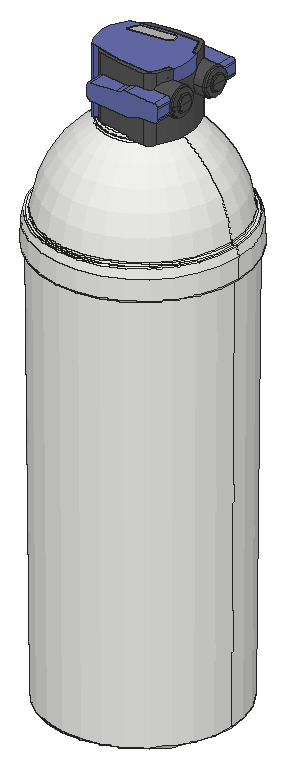
Revit family "QF_Vivreau_PURITY C1100 XtraSafe", category Specialty Equipment, Revit 2019
Family settings
  Round Connector Dimension = Use Diameter
  Part Type = Normal
  OmniClass Number = 23.40.40.14.24
  OmniClass Title = Food Dispensing Equipment
  Work Plane-Based = No
  Always vertical = Yes
  Cut with Voids When Loaded = No
  Shared = No
  Room Calculation Point = No
Parameters
  Width = 0' - 7 31/128"  # constant formula
  Weight in Pounds = 16.9
  URL Cutsheet = "https://vivreauwater.com/wp-content/uploads/2023/02/Xtra-Safe_Spec-Sheet.pdf"
  URL = "www.vivreauwater.com/Professional-filters"
  Status = ""
  Specification by User [instance] = ""
  Specification by Manufacturer = "PURITY C1100 XtraSafe water filtration cartridge. Calculate user-specific recommendations for capacity and filtration bypass settings for Coffee and Steam applications on VIVREAU website. Max. operating pressure 125 psi, water intake temperature 39-86 degrees Fahrenheit. Nominal flow 100 l/h (pressure loss at nominal flow 2.9 psi). Dimensions w/d/h with filter head 7.24/7.24/21.6 inch, weight dry/wet 16.9/27.5 lbs, position vertical. Technology complete desalination. Five step filtration process with pre-filtration, cation reduction, anion reduction, activated carbon filtration and fine filtration to protect against chlorides, sulphates and gypsum deposits."
  Serial Number [instance] = ""
  Seismic Rating = ""
  SMACNA No = ""
  Revision Code = ""
  Plumbing Remarks = ""
  Plumbing Connection Type = "NPT"
  NAFEM Spec ID Number = ""
  Mounting Height [instance] = 3' - 0"
  Model = "PURITY C1100 XtraSafe"
  Masterspec = "Division 11"
  Manufacturer = "Vivreau"
  Item Number [instance] = ""
  Installed By [instance] = ""
  Identify Quantity as Lot = yes
  Height = 1' - 9 77/128"  # constant formula
  Furnished By [instance] = ""
  Foodservice Equipment Identifier = yes
  Description = "Water Filter"
  Depth = 0' - 7 31/128"  # constant formula
  Cold Water Temperature Recommended = 40 °F
  Cold Water Size = 1/2"
  Cold Water RI Height = 0' - 0"
  Cold Water Minimum Pressure = 29.00 psi
  Cold Water Maximum Pressure = 125.00 psi
  Cold Water Flow = 0.099973 m³/h
  Cold Water Connection Height = 1' - 9"
  CSI MasterFormat = "11 46 00"
  Assembly Code = "E1090320"
Reference planes (in)
  plane 1 "BACK": y = 0
  plane 2 "REF. LAYER": z = 0
  plane 3 "LEFT": x = 0
  plane 4 "RIGHT": x = 7.24219
  plane 5 "FRONT": y = -7.24219
  plane 6 "Center (Left/Right)": x = 3.62109
  plane 7 "Center (Front/Back)": y = -3.62109
  plane 8 "Center F/C": z = 36
  plane 9 "Center F/D": z = 57.60156
Forms (in)
  Revolve 1, solid, material "QF_Poly-White"
    sketch origin (0, -3.62109, 0) x (1, 0, 0) y (0, 0, 1)
      loop
        line (3.62109, 36) -> (6.94277, 36)
        arc (6.94277, 36) -> (6.95762, 36.00612) -> (6.96387, 36.02092) r 0.02111
        line (6.96387, 36.02092) -> (7.09825, 51.24326) -> (7.22063, 51.24326)
        arc (7.22063, 51.24326) -> (7.23593, 51.24964) -> (7.24216, 51.265) r 0.02153
        line (7.24216, 51.265) -> (7.23511, 52.01487) -> (7.15464, 52.31661)
        arc (7.15464, 52.31661) -> (7.13881, 52.33848) -> (7.11247, 52.34443) r 0.0382
        line (7.11247, 52.34443) -> (7.01551, 52.34443)
        arc (7.01551, 52.34443) -> (6.99102, 52.35457) -> (6.98088, 52.37905) r 0.03463
        line (6.98088, 52.37905) -> (6.97319, 52.43252)
        arc (6.97319, 52.43252) -> (6.3647, 54.14116) -> (5.07958, 55.42108) r 4.10693
        arc (5.07958, 55.42108) -> (5.05321, 55.44773) -> (5.03864, 55.48229) r 0.09896
        line (5.03864, 55.48229) -> (5.03864, 55.52322)
        arc (5.03864, 55.52322) -> (5.02461, 55.56905) -> (4.98732, 55.59916) r 0.08184
        arc (4.98732, 55.59916) -> (4.31666, 55.78835) -> (3.62109, 55.8304) r 3.25395
        line (3.62109, 55.8304) -> (3.62109, 36)
      axis (3.62109, 55.8304) -> (3.62109, 36)
    angle from 0 to 360
Lines and regions (in)
  symbolic lines
    curve 1: circle (3.62205, -3.62204, 0) r 3.61816 normal (0, 0, 1)
    curve 2: circle (3.62109, -3.62109, 0) r 3.35209 normal (0, 0, 1)
    curve 3: circle (3.62109, -3.62109, 0) r 3.47716 normal (0, 0, 1)
    curve 4: circle (3.62109, -3.62109, 0) r 3.53355 normal (0, 0, 1)
    curve 5: arc (2.49221, -4.54458, 0) -> (2.72943, -4.77527, 0) -> (3.01254, -4.94656, 0) r 1.45849
    curve 6: arc (2.56132, -4.56254, 0) -> (2.76176, -4.74847, 0) -> (2.99417, -4.89247, 0) r 1.41754
    curve 7: arc (2.49023, -2.70004, 0) -> (2.72856, -2.46759, 0) -> (3.01339, -2.29524, 0) r 1.45849
    curve 8: arc (2.55914, -2.68211, 0) -> (2.76076, -2.49448, 0) -> (2.99487, -2.34937, 0) r 1.41754
  symbolic lines, style "InvisibleLines"
    curve 9: line (0, 0, 0) -> (7.24219, 0, 0)
    curve 10: line (3.1474, 0, 36) -> (4.23762, 0, 36)
    curve 11: line (0, -3.98861, 36) -> (0, -3.23861, 36)
Dimensions and locks (in)
  "Width": plane 3 "LEFT" to plane 4 "RIGHT"
  "Depth": plane 5 "FRONT" to plane 1 "BACK"
  equal spacing: plane 3 "LEFT", plane 6 "Center (Left/Right)", plane 4 "RIGHT"
  equal spacing: plane 5 "FRONT", plane 7 "Center (Front/Back)", plane 1 "BACK"
  "Mounting Height": plane 8 "Center F/C" to plane 2 "REF. LAYER"
  "Height": plane 9 "Center F/D" to plane 8 "Center F/C"
  Revolve 1 sketch curve to Revolve 1 sketch curve to Revolve 1 sketch curve to Revolve 1 sketch curve to Revolve 1 sketch curve to Revolve 1 sketch curve to Revolve 1 sketch curve to Revolve 1 sketch curve to Revolve 1 sketch curve to Revolve 1 sketch curve to Revolve 1 sketch curve to Revolve 1 sketch curve to plane 8 "Center F/C" = 0' - 0.23124" locked, 0' - 0.07593" locked, 0' - 0.04094" locked, 0' - 0.06121" locked, 0' - 3.04202" locked, 0' - 0.03463" locked, 0' - 0.02782" locked, 0' - 0.30175" locked, 0' - 0.74987" locked, 0' - 0.02173" locked, 1' - 3.22234" locked, 0' - 0.02092" locked
  aligned and locked: level to plane 2 "REF. LAYER"
  aligned and locked: Revolve 1 sketch curve to plane 8 "Center F/C"
  aligned and locked: plane 3 "LEFT" to curve 9
  aligned and locked: plane 4 "RIGHT" to curve 9
  aligned and locked: curve 9 to plane 2 "REF. LAYER"
  aligned and locked: curve 10 to plane 8 "Center F/C"
  aligned and locked: curve 11 to plane 8 "Center F/C"
Automatic sketch dimensions
  Revolve 1 sketch curve to plane 6 "Center (Left/Right)" = 0' - 0"  (x2)
  plane 6 "Center (Left/Right)" to Revolve 1 sketch curve = 0' - 0.15254"
  Revolve 1 sketch curve to Revolve 1 sketch curve = 0' - 0.08184"
  Revolve 1 sketch curve to Revolve 1 sketch curve = 0' - 0.09682"
  Revolve 1 sketch curve to plane 4 "RIGHT" = 0' - 0.29942"
  Revolve 1 sketch curve to Revolve 1 sketch curve = 0' - 0.02111"
  Revolve 1 sketch curve to plane 4 "RIGHT" = 0' - 0.269"
  Revolve 1 sketch curve to Revolve 1 sketch curve = 0' - 0.00769"
  Revolve 1 sketch curve to plane 4 "RIGHT" = 0' - 0.14394"
  Revolve 1 sketch curve to Revolve 1 sketch curve = 0' - 0.09697"
  Revolve 1 sketch curve to Revolve 1 sketch curve = 0' - 0.0053"
  Revolve 1 sketch curve to plane 4 "RIGHT" = 0' - 0.00708"
  Revolve 1 sketch curve to plane 4 "RIGHT" = 0' - 0.00003"
  Revolve 1 sketch curve to Revolve 1 sketch curve = 0' - 0.02153"
  Revolve 1 sketch curve to Revolve 1 sketch curve = 0' - 0.69977"
  Revolve 1 sketch curve to Revolve 1 sketch curve = 0' - 0.01001"
  Revolve 1 sketch curve to Revolve 1 sketch curve = 0' - 0.05347"
  Revolve 1 sketch curve to Revolve 1 sketch curve = 0' - 0.637"
  Revolve 1 sketch curve to Revolve 1 sketch curve = 0' - 0.02047"
  level to Revolve 1 sketch curve = 3' - 11.19443"
  Revolve 1 sketch curve to Revolve 1 sketch curve = 0' - 3.51403"
  curve 2 to curve 3 = 0' - 0"  (x2)
  curve 2 to curve 4 = 0' - 0"  (x2)
  curve 2 to curve 5 = 0' - 0"  (x2)
  curve 2 to curve 6 = 0' - 0"  (x2)
  curve 2 to curve 7 = 0' - 0"  (x2)
  curve 2 to curve 8 = 0' - 0"  (x2)
  curve 3 to curve 4 = 0' - 0"  (x2)
  curve 3 to curve 5 = 0' - 0"  (x2)
  curve 3 to curve 6 = 0' - 0"  (x2)
  curve 3 to curve 7 = 0' - 0"  (x2)
  curve 3 to curve 8 = 0' - 0"  (x2)
  curve 4 to curve 5 = 0' - 0"  (x2)
  curve 4 to curve 6 = 0' - 0"  (x2)
  curve 4 to curve 7 = 0' - 0"  (x2)
  curve 4 to curve 8 = 0' - 0"  (x2)
  curve 5 to curve 6 = 0' - 0"  (x2)
  curve 5 to curve 7 = 0' - 0"  (x2)
  curve 5 to curve 8 = 0' - 0"  (x2)
  curve 6 to curve 7 = 0' - 0"  (x2)
  curve 6 to curve 8 = 0' - 0"  (x2)
  curve 7 to curve 8 = 0' - 0"  (x2)
  curve 4 to plane 6 "Center (Left/Right)" = 0' - 0"
  plane 7 "Center (Front/Back)" to curve 5 = 0' - 0"
  plane 6 "Center (Left/Right)" to curve 1 = 0' - 0.00095"
  plane 7 "Center (Front/Back)" to curve 1 = 0' - 0.00095"
  curve 7 to plane 6 "Center (Left/Right)" = 0' - 0.6077"
  curve 5 to plane 6 "Center (Left/Right)" = 0' - 0.60856"
  curve 8 to curve 7 = 0' - 0.01853"
  curve 6 to curve 5 = 0' - 0.01837"
  curve 6 to curve 6 = 0' - 0.43285"
  curve 8 to curve 8 = 0' - 0.43572"
  curve 5 to curve 6 = 0' - 0.06911"
  curve 7 to curve 8 = 0' - 0.06891"
  plane 7 "Center (Front/Back)" to curve 5 = 0' - 0.92348"
  curve 6 to curve 5 = 0' - 0.01796"
  curve 7 to plane 7 "Center (Front/Back)" = 0' - 0.92106"
  curve 7 to curve 8 = 0' - 0.01793"
  curve 10 to plane 6 "Center (Left/Right)" = 0' - 0.47369"
  plane 6 "Center (Left/Right)" to curve 10 = 0' - 0.61653"
  plane 7 "Center (Front/Back)" to curve 11 = 0' - 0.36752"
  curve 11 to plane 7 "Center (Front/Back)" = 0' - 0.38248"
  radius of curve 1 = 0' - 3.61816"
  radius of curve 2 = 0' - 3.35209"
  radius of curve 3 = 0' - 3.47716"
  radius of curve 4 = 0' - 3.53355"
Nested families (in)
  nested 1: "QF_Vivreau_ Filter Head_C1100" at (2.1239, -1.72207, 0), Mounting Height <- "Mounting Height", type "QF_Vivreau_ Filter Head_C1100"
    with Specification by User "", Serial Number "", Mounting Height 3' - 0", Installed By "", Furnished By ""
Connectors (in)
  piping at (5.87227, -2.83464, 57.07284), diameter 0.5, driven by "Cold Water Size", driven by "Cold Water Flow"
    settings: on nested 1, index 1, connector inside diameter 24", connector length 0' - 0", flow factor 0, pipe flow 0.099973 m³/h, pressure drop 0.00 psi, fitting loss kfactor 0, connector angle 0.00°, fixture units 0, engagement length 0' - 0", angle of deflection 0.00°, flow configuration 0, flow direction 1, fitting loss method 0, system type 20, joint type 0, gender type 0, connector reference index -1, connector utility 0, adjustable connector no, is connector primary yes, connector description "Water Inlet"
  piping at (5.87227, -4.40945, 57.07284), diameter 0.5, driven by "Cold Water Size", driven by "Cold Water Flow"
    settings: on nested 1, index 2, connector inside diameter 24", connector length 0' - 0", flow factor 0, pipe flow 0.099973 m³/h, pressure drop 0.00 psi, fitting loss kfactor 0, connector angle 0.00°, fixture units 0, engagement length 0' - 0", angle of deflection 0.00°, flow configuration 0, flow direction 2, fitting loss method 0, system type 20, joint type 0, gender type 0, connector reference index -1, connector utility 0, adjustable connector no, is connector primary no, connector description "Water Outlet"
Definition of nested family "QF_Vivreau_ Filter Head_C1100"
  Parameters (values of type "QF_Vivreau_ Filter Head_C1100")
    Width = 3' - 0"
    Weight in Pounds = 0
    URL Cutsheet = ""
    Status = ""
    Specification by User [instance] = ""
    Specification by Manufacturer = ""
    Serial Number [instance] = ""
    Seismic Rating = ""
    SMACNA No = ""
    Revision Code = ""
    NAFEM Spec ID Number = ""
    Mounting Height [instance] = 3' - 0"
    Masterspec = ""
    Installed By [instance] = ""
    Identify Quantity as Lot = yes
    Height = 3' - 0"
    Furnished By [instance] = ""
    Foodservice Equipment Identifier = yes
    Depth = 3' - 0"
    CSI MasterFormat = ""
  Reference planes (in)
    plane 1 "BACK": y = 0
    plane 2 "REF. LAYER": z = 0
    plane 3 "LEFT": x = 0
    plane 4 "Center F/C": x = 3.74837
    plane 5 "Center F/D": y = -3.83618
    plane 6 "Center F/E": z = 57.07284
    plane 7 "Center F/F": z = 57.92772
    plane 8 "Center F/G": z = 55.50391
    plane 9 "Center F/H": z = 56.5995
    plane 10 "Center F/I": z = 57.42759
    plane 11 "Center F/J": y = -1.89997
    plane 12 "Center F/Q": z = 36
    plane 13 "Center F/R": z = 57.78491
  Forms (in)
    Extrusion 1, solid
      sketch origin (-0.56167, 0.22503, 0) x (1, 0, 0) y (0, 1, 0)
        loop
          arc (3.17939, -3.30146) -> (3.22697, -3.28602) -> (3.25911, -3.24769) r 0.09059
          arc (3.25911, -3.24769) -> (3.55796, -2.125) -> (3.25911, -1.00231) r 2.25819
          arc (3.25911, -1.00231) -> (3.22697, -0.96398) -> (3.17939, -0.94854) r 0.09059
          arc (3.17939, -0.94854) -> (2.02567, -0.99526) -> (0.89165, -1.21272) r 7.75678
          arc (0.89165, -1.21272) -> (0.86179, -1.21999) -> (0.83702, -1.2382) r 0.07824
          arc (0.83702, -1.2382) -> (0.56167, -2.125) -> (0.83702, -3.0118) r 1.56569
          arc (0.83702, -3.0118) -> (0.86179, -3.03001) -> (0.89165, -3.03728) r 0.07824
          arc (0.89165, -3.03728) -> (2.02567, -3.25474) -> (3.17939, -3.30146) r 7.75678
      from 55.50391 to 57.92772
    Revolve 2, solid
      sketch origin (-16.04659, -180, 57.07284) x (-1, 0, 0) y (0, -1, 0)
        loop
          line (-19.59812, -178.88743) -> (-18.72075, -178.88743) -> (-18.7668, -178.36111) -> (-19.59812, -178.37562) -> (-19.59812, -178.88743)
        axis (-18.72075, -178.88743) -> (-19.59812, -178.88743)
      angle from 0 to 360
    Revolve 3, solid
      sketch origin (-16.04659, -180, 57.07284) x (-1, 0, 0) y (0, -1, 0)
        loop
          line (-19.59812, -177.31262) -> (-18.72075, -177.31262) -> (-18.7668, -176.7863) -> (-19.59812, -176.80081) -> (-19.59812, -177.31262)
        axis (-18.72075, -177.31262) -> (-19.59812, -177.31262)
      angle from 0 to 360
    Extrusion 4, void
      sketch origin (-0.56167, 0.22503, 0) x (0, 1, 0) y (0, 0, 1)
        loop
          circle (-2.125, 56.54134) r 0.20757
      from 3.17075 to 3.70744
    Extrusion 5, void
      sketch origin (-2.8954, 0.22503, 0) x (0, 1, 0) y (0, 0, 1)
        loop
          circle (-2.125, 56.54134) r 0.20757
      from 2.77402 to 3.28855
    Revolve 6, solid
      sketch origin (-16.04659, -180, 57.07284) x (-1, 0, 0) y (0, -1, 0)
        loop
          line (-19.59812, -178.88743) -> (-19.59812, -178.41499) -> (-19.69654, -178.41499) -> (-19.69654, -178.58034) -> (-19.73591, -178.58379) -> (-19.73591, -178.63349) -> (-19.79497, -178.63349) -> (-19.79497, -178.88743) -> (-19.59812, -178.88743)
        axis (-19.59812, -178.88743) -> (-19.79497, -178.88743)
      angle from 0 to 360
    Revolve 7, solid
      sketch origin (-16.04659, -180, 57.07284) x (-1, 0, 0) y (0, -1, 0)
        loop
          line (-19.59812, -177.31262) -> (-19.59812, -176.84018) -> (-19.69654, -176.84018) -> (-19.69654, -177.00554) -> (-19.73591, -177.00898) -> (-19.73591, -177.05869) -> (-19.79497, -177.05869) -> (-19.79497, -177.31262) -> (-19.59812, -177.31262)
        axis (-19.59812, -177.31262) -> (-19.79497, -177.31262)
      angle from 0 to 360
    Extrusion 8, solid
      sketch origin (0, 0, 0) x (0, 1, 0) y (0, 0, 1)
        loop
          circle (-1.89997, 56.54134) r 0.20757
        loop
          circle (-1.89997, 56.54134) r 0.14507
      from 2.60908 to 3.01441
    Extrusion 9, solid
      sketch origin (-2.62125, 0, 0) x (0, 1, 0) y (0, 0, 1)
        loop
          circle (-1.89997, 56.54134) r 0.20757
        loop
          circle (-1.89997, 56.54134) r 0.14507
      from 2.60908 to 3.01441
    Extrusion 10, solid
      sketch origin (0, 0, 21.16016) x (1, 0, 0) y (0, 1, 0)
        loop
          arc (2.61773, -0.72352) -> (2.65703, -0.73399) -> (2.68778, -0.7606) r 0.09059
          arc (2.68778, -0.7606) -> (2.99629, -1.89997) -> (2.68778, -3.03935) r 2.25819
          arc (2.68778, -3.03935) -> (2.65703, -3.06596) -> (2.61773, -3.07643) r 0.09059
          arc (2.61773, -3.07643) -> (1.60555, -3.04475) -> (0.60613, -2.88147) r 7.75678
          arc (0.60613, -2.88147) -> (0.72009, -2.98959) -> (0.8462, -3.08325) r 1.30616
          arc (0.8462, -3.08325) -> (1.72654, -3.2138) -> (2.6163, -3.23254) r 7.05821
          arc (2.6163, -3.23254) -> (2.77551, -3.16312) -> (2.87152, -3.01839) r 0.30684
          arc (2.87152, -3.01839) -> (3.18694, -1.89997) -> (2.87152, -0.78156) r 2.14057
          arc (2.87152, -0.78156) -> (2.77551, -0.63683) -> (2.6163, -0.5674) r 0.30684
          arc (2.6163, -0.5674) -> (1.72654, -0.58614) -> (0.8462, -0.7167) r 7.05821
          arc (0.8462, -0.7167) -> (0.72009, -0.81036) -> (0.60613, -0.91847) r 1.30616
          arc (0.60613, -0.91847) -> (1.60555, -0.7552) -> (2.61773, -0.72352) r 7.75678
      from 34.34375 to 36.76757
    Extrusion 11, void
      sketch origin (0, 0, 21.16016) x (1, 0, 0) y (0, 1, 0)
        loop
          arc (2.92876, -1.35185) -> (2.99629, -1.89997) -> (2.92876, -2.4481) r 2.25819
          line (2.92876, -2.4481) -> (3.11557, -2.4481)
          arc (3.11557, -2.4481) -> (3.18694, -1.89997) -> (3.11557, -1.35185) r 2.14057
          line (3.11557, -1.35185) -> (2.92876, -1.35185)
      from 36.76757 to 36.26743
    Extrusion 12, solid
      sketch origin (0, 0, 14.26953) x (1, 0, 0) y (0, 1, 0)
        loop
          arc (0.70049, -1.02146) -> (0.59462, -1.21203) -> (0.51669, -1.41563) r 1.54109
          arc (0.51669, -1.41563) -> (0.54, -1.44367) -> (0.57618, -1.44818) r 0.04958
          arc (0.57618, -1.44818) -> (1.21574, -1.31536) -> (1.86503, -1.24405) r 6.85047
          arc (1.86503, -1.24405) -> (2.03249, -1.03201) -> (1.82552, -0.85833) r 0.19395
          arc (1.82552, -0.85833) -> (1.26009, -0.91975) -> (0.70049, -1.02146) r 7.94315
      from 43.51538 to 43.65819
    Extrusion 13, solid
      sketch origin (0, 0, 21.16016) x (1, 0, 0) y (0, 1, 0)
        loop
          arc (3.11557, -2.4481) -> (3.18694, -1.89997) -> (3.11557, -1.35185) r 2.14057
          line (3.11557, -1.35185) -> (2.92876, -1.35185)
          arc (2.92876, -1.35185) -> (2.99629, -1.89997) -> (2.92876, -2.4481) r 2.25819
          line (2.92876, -2.4481) -> (3.11557, -2.4481)
      from 36.26743 to 36.76757
    Extrusion 14, void
      sketch origin (0, 0, 18.24219) x (1, 0, 0) y (0, 1, 0)
        loop
          arc (0.57618, -1.44818) -> (1.21574, -1.31536) -> (1.86503, -1.24405) r 6.85047
          arc (1.86503, -1.24405) -> (2.03249, -1.03201) -> (1.82552, -0.85833) r 0.19395
          arc (1.82552, -0.85833) -> (1.26009, -0.91975) -> (0.70049, -1.02146) r 7.94315
          arc (0.70049, -1.02146) -> (0.59462, -1.21203) -> (0.51669, -1.41563) r 1.54109
          arc (0.51669, -1.41563) -> (0.54, -1.44367) -> (0.57618, -1.44818) r 0.04958
      from 39.54273 to 39.68553
  Cuts and joins
    Extrusion 4, Extrusion 5, Extrusion 14 cuts Extrusion 1
    joined: Extrusion 1, Extrusion 13
    Extrusion 11 cuts Extrusion 10
  Lines and regions (in)
    symbolic lines
      curve 1: arc (0.32999, -2.81225, 0) -> (1.464, -3.02972, 0) -> (2.61773, -3.07643, 0) r 7.75678
      curve 2: arc (2.61773, -3.07643, 0) -> (2.6653, -3.061, 0) -> (2.69744, -3.02266, 0) r 0.09059
      curve 3: arc (2.69744, -3.02266, 0) -> (2.99629, -1.89997, 0) -> (2.69744, -0.77728, 0) r 2.25819
      curve 4: arc (2.69744, -0.77728, 0) -> (2.6653, -0.73895, 0) -> (2.61773, -0.72352, 0) r 0.09059
      curve 5: arc (2.61773, -0.72352, 0) -> (1.464, -0.77023, 0) -> (0.32999, -0.9877, 0) r 7.75678
      curve 6: arc (0.32999, -0.9877, 0) -> (0.30012, -0.99496, 0) -> (0.27535, -1.01317, 0) r 0.07824
      curve 7: arc (0.27535, -1.01317, 0) -> (0, -1.89997, 0) -> (0.27535, -2.78678, 0) r 1.56569
      curve 8: arc (0.27535, -2.78678, 0) -> (0.30012, -2.80499, 0) -> (0.32999, -2.81225, 0) r 0.07824
      curve 9: line (3.74837, -2.94131, 0) -> (3.68932, -2.94131, 0)
      curve 10: arc (0.85161, -0.6986, 0) -> (0.82653, -0.78661, 0) -> (0.80424, -0.87538, 0) r 2.89017
      curve 11: arc (0.85161, -0.6986, 0) -> (0.87512, -0.61425, 0) -> (0.90582, -0.53225, 0) r 1.0142
      curve 12: arc (0.90582, -0.53225, 0) -> (0.95826, -0.37458, 0) -> (1.01402, -0.21806, 0) r 7.87402
      curve 13: arc (1.01402, -0.21806, 0) -> (1.03304, -0.19156, 0) -> (1.06321, -0.17918, 0) r 0.05912
      curve 14: arc (1.06321, -0.17918, 0) -> (2.22788, -0.07327, 0) -> (3.39529, -0.1428, 0) r 7.79531
      curve 15: arc (3.39529, -0.1428, 0) -> (3.42859, -0.1583, 0) -> (3.44724, -0.18996, 0) r 0.0619
      curve 16: arc (3.44724, -0.18996, 0) -> (3.48188, -0.39473, 0) -> (3.50801, -0.60076, 0) r 5.02104
      curve 17: line (3.64995, -0.64013, 0) -> (3.55152, -0.64013, 0)
      curve 18: line (3.55152, -0.64013, 0) -> (3.55152, -0.60076, 0)
      curve 19: line (3.55152, -0.60076, 0) -> (3.50801, -0.60076, 0)
      curve 20: line (3.55152, -0.64013, 0) -> (3.55152, -1.62438, 0)
      curve 21: line (3.55152, -1.62438, 0) -> (2.98062, -1.63435, 0)
      curve 22: line (3.64995, -1.58501, 0) -> (3.55152, -1.58501, 0)
      curve 23: line (3.64995, -1.58501, 0) -> (3.64995, -0.64013, 0)
      curve 24: line (3.68932, -1.41621, 0) -> (3.64995, -1.41966, 0)
      curve 25: line (3.68932, -1.41621, 0) -> (3.68932, -0.80849, 0)
      curve 26: line (3.74837, -0.85864, 0) -> (3.68932, -0.85864, 0)
      curve 27: line (3.74837, -0.85864, 0) -> (3.74837, -1.36651, 0)
      curve 28: line (3.74837, -1.36651, 0) -> (3.68932, -1.36651, 0)
      curve 29: line (3.64995, -3.15982, 0) -> (3.55152, -3.15982, 0)
      curve 30: line (3.55152, -3.15982, 0) -> (3.55152, -3.19919, 0)
      curve 31: line (3.55152, -3.19919, 0) -> (3.50801, -3.19919, 0)
      curve 32: line (3.55152, -3.15982, 0) -> (3.55152, -2.17556, 0)
      curve 33: line (3.64995, -2.21493, 0) -> (3.55152, -2.21493, 0)
      curve 34: line (3.64995, -2.21493, 0) -> (3.64995, -3.15982, 0)
      curve 35: line (3.68932, -2.38373, 0) -> (3.64995, -2.38029, 0)
      curve 36: line (3.68932, -2.38373, 0) -> (3.68932, -2.99146, 0)
      curve 37: line (3.74837, -2.94131, 0) -> (3.68932, -2.94131, 0)
      curve 38: line (3.74837, -2.94131, 0) -> (3.74837, -2.43344, 0)
      curve 39: line (3.74837, -2.43344, 0) -> (3.68932, -2.43344, 0)
      curve 40: arc (0.85161, -3.10135, 0) -> (0.82653, -3.01334, 0) -> (0.80424, -2.92457, 0) r 2.89017
      curve 41: arc (0.85161, -3.10135, 0) -> (0.87512, -3.1857, 0) -> (0.90582, -3.2677, 0) r 1.0142
      curve 42: arc (0.90582, -3.2677, 0) -> (0.95826, -3.42537, 0) -> (1.01402, -3.58189, 0) r 7.87402
      curve 43: arc (1.01402, -3.58189, 0) -> (1.03304, -3.60839, 0) -> (1.06321, -3.62077, 0) r 0.05912
      curve 44: arc (1.06321, -3.62077, 0) -> (2.22788, -3.72667, 0) -> (3.39529, -3.65715, 0) r 7.79531
      curve 45: arc (3.39529, -3.65715, 0) -> (3.42859, -3.64164, 0) -> (3.44724, -3.60999, 0) r 0.0619
      curve 46: arc (3.44724, -3.60999, 0) -> (3.48188, -3.40522, 0) -> (3.50801, -3.19919, 0) r 5.02104
      curve 47: line (3.55152, -3.15982, 0) -> (3.55152, -3.19919, 0)
      curve 48: line (3.55152, -3.19919, 0) -> (3.50801, -3.19919, 0)
      curve 49: line (3.55152, -3.15982, 0) -> (3.55152, -2.17556, 0)
      curve 50: line (3.55152, -2.17556, 0) -> (2.98062, -2.1656, 0)
      curve 51: line (0, 0, 0) -> (3.74837, 0, 0)
      curve 52: line (0, -1.89997, 0) -> (2.99629, -1.89997, 0)
      curve 53: line (3.64995, -0.80549, 0) -> (3.68932, -0.80849, 0)
      curve 54: line (3.64995, -2.99446, 0) -> (3.68932, -2.99146, 0)
  Dimensions and locks (in)
    plane 7 "Center F/F" to plane 10 "Center F/I" to plane 6 "Center F/E" to plane 9 "Center F/H" to plane 8 "Center F/G" = 0' - 0.50013" locked, 0' - 0.35475" locked, 0' - 0.47334" locked, 0' - 1.09559" locked
    plane 5 "Center F/D" to plane 11 "Center F/J" to plane 1 "BACK" = 0' - 1.93621" locked, 0' - 1.89997" locked
    locked: plane 6 "Center F/E" to nested 1 at 0.05953
    locked: plane 8 "Center F/G" to plane 12 "Center F/Q" at 19.50391
    "Mounting Height": plane 12 "Center F/Q" to plane 2 "REF. LAYER"
    locked: plane 7 "Center F/F" to plane 13 "Center F/R" at 0.14281
    aligned and locked: level to plane 2 "REF. LAYER"
    aligned and locked: plane 7 "Center F/F" to cut or joined group of Extrusion 1, Extrusion 4, Extrusion 5, Extrusion 13, Extrusion 14
    aligned and locked: cut or joined group of Extrusion 1, Extrusion 4, Extrusion 5, Extrusion 13, Extrusion 14 to plane 8 "Center F/G"
    aligned and locked: nested 1 to plane 11 "Center F/J"
    aligned and locked: plane 11 "Center F/J" to nested 1
    aligned and locked: Extrusion 10 to plane 8 "Center F/G"
    aligned and locked: plane 7 "Center F/F" to Extrusion 10
    aligned and locked: Extrusion 13 to plane 10 "Center F/I"
    aligned and locked: Extrusion 11 to plane 10 "Center F/I"
    aligned and locked: plane 7 "Center F/F" to Extrusion 13
    aligned and locked: plane 7 "Center F/F" to Extrusion 11
    aligned and locked: Extrusion 12 to plane 13 "Center F/R"
    aligned and locked: plane 7 "Center F/F" to Extrusion 12
    aligned and locked: Extrusion 14 to plane 13 "Center F/R"
    aligned and locked: plane 7 "Center F/F" to Extrusion 14
  Automatic sketch dimensions
    curve 51 to level = 0' - 0"
    curve 51 to plane 3 "LEFT" = 0' - 0"
    curve 51 to plane 4 "Center F/C" = 0' - 0"
    curve 52 to plane 3 "LEFT" = 0' - 0"
    plane 11 "Center F/J" to curve 3 = 0' - 0"
    plane 11 "Center F/J" to curve 7 = 0' - 0"
    plane 11 "Center F/J" to curve 52 = 0' - 0"
    curve 39 to plane 4 "Center F/C" = 0' - 0"
    curve 28 to plane 4 "Center F/C" = 0' - 0"
    curve 16 to plane 3 "LEFT" = 0' - 1.48511"
    curve 46 to plane 3 "LEFT" = 0' - 1.48511"
    plane 3 "LEFT" to curve 8 = 0' - 0.33318"
    plane 3 "LEFT" to curve 6 = 0' - 0.33318"
    curve 52 to curve 3 = 0' - 0.7381"
    plane 1 "BACK" to curve 13 = 0' - 0.23795"
    plane 3 "LEFT" to curve 13 = 0' - 1.0697"
    curve 43 to plane 5 "Center F/D" = 0' - 0.27418"
    plane 3 "LEFT" to curve 43 = 0' - 1.0697"
    curve 3 to curve 7 = 0' - 0.82759"
    curve 7 to curve 11 = 0' - 0.27372"
    curve 7 to curve 41 = 0' - 0.27372"
    curve 14 to plane 4 "Center F/C" = 0' - 1.39888"
    curve 44 to plane 4 "Center F/C" = 0' - 1.39888"
    curve 44 to curve 1 = 0' - 0.00431"
    curve 14 to curve 5 = 0' - 0.00431"
    curve 41 to curve 2 = 0' - 0.77523"
    curve 11 to curve 4 = 0' - 0.77523"
    plane 1 "BACK" to curve 15 = 0' - 0.20414"
    curve 15 to plane 4 "Center F/C" = 0' - 0.36139"
    curve 45 to plane 4 "Center F/C" = 0' - 0.36139"
    curve 48 to plane 4 "Center F/C" = 0' - 0.24036"
    curve 19 to plane 4 "Center F/C" = 0' - 0.24036"
    curve 16 to curve 19 = 0' - 0.04351"
    curve 31 to curve 48 = 0' - 0.04351"
    curve 22 to curve 10 = 0' - 0.0667"
    curve 33 to curve 40 = 0' - 0.0667"
    curve 17 to curve 17 = 0' - 0.09843"
    curve 29 to curve 34 = 0' - 0.09843"
    curve 24 to curve 25 = 0' - 0.03937"
    curve 35 to curve 35 = 0' - 0.03937"
    plane 1 "BACK" to curve 42 = 0' - 0.86161"
    plane 4 "Center F/C" to curve 42 = 0' - 4.65484"
    curve 12 to plane 5 "Center F/D" = 0' - 0.89785"
    curve 12 to curve 42 = 0' - 0"
    curve 45 to plane 5 "Center F/D" = 0' - 0.24037"
    plane 5 "Center F/D" to curve 14 = 0' - 4.03145"
    curve 5 to curve 14 = 0' - 0.60817"
    curve 45 to curve 47 = 0' - 0.39662"
    curve 30 to curve 34 = 0' - 0.03937"
    curve 29 to curve 36 = 0' - 0.16836"
    curve 2 to plane 5 "Center F/D" = 0' - 0.85029"
    curve 36 to curve 9 = 0' - 0.05014"
    curve 2 to curve 41 = 0' - 0.11446"
    plane 11 "Center F/J" to curve 8 = 0' - 0.8341"
    plane 11 "Center F/J" to curve 46 = 0' - 0.77047"
    curve 9 to curve 39 = 0' - 0.50787"
    curve 39 to curve 36 = 0' - 0.04971"
    curve 35 to curve 40 = 0' - 0.11843"
    curve 40 to curve 34 = 0' - 0.05037"
    curve 33 to curve 49 = 0' - 0.03937"
    curve 21 to plane 11 "Center F/J" = 0' - 0.27559"
    curve 20 to curve 22 = 0' - 0.03937"
    curve 22 to curve 10 = 0' - 0.05037"
    curve 10 to curve 24 = 0' - 0.11843"
    curve 24 to curve 27 = 0' - 0.04971"
    curve 16 to plane 11 "Center F/J" = 0' - 0.77047"
    curve 6 to plane 11 "Center F/J" = 0' - 0.8341"
    plane 1 "BACK" to curve 11 = 0' - 0.92852"
    curve 27 to curve 26 = 0' - 0.50787"
    curve 11 to curve 4 = 0' - 0.11446"
    curve 26 to curve 25 = 0' - 0.05014"
    curve 25 to curve 17 = 0' - 0.16836"
    curve 17 to curve 19 = 0' - 0.03937"
    curve 44 to plane 1 "BACK" = 0' - 4.06768"
    curve 44 to curve 1 = 0' - 0.60817"
    curve 8 to curve 8 = 0' - 0.05783"
    curve 6 to curve 6 = 0' - 0.05783"
    curve 7 to curve 6 = 0' - 0.05464"
    curve 8 to curve 8 = 0' - 0.05464"
    curve 8 to curve 40 = 0' - 0.47425"
    curve 5 to curve 10 = 0' - 0.47425"
    curve 40 to curve 40 = 0' - 0.04737"
    curve 10 to curve 10 = 0' - 0.04737"
    curve 10 to curve 11 = 0' - 0.05421"
    curve 41 to curve 41 = 0' - 0.05421"
    curve 43 to curve 43 = 0' - 0.05568"
    curve 12 to curve 13 = 0' - 0.05568"
    curve 43 to curve 43 = 0' - 0.00649"
    curve 13 to curve 13 = 0' - 0.00649"
    curve 4 to curve 5 = 0' - 0"
    curve 2 to curve 1 = 0' - 0"
    curve 2 to curve 2 = 0' - 0.08279"
    curve 21 to plane 11 "Center F/J" = 0' - 0 17/64"
    plane 11 "Center F/J" to curve 50 = 0' - 0 17/64"
    curve 15 to curve 14 = 0' - 0"
    curve 45 to curve 44 = 0' - 0"
    curve 54 to curve 36 = 0' - 0.00301"
    curve 35 to curve 35 = 0' - 0.00344"
    curve 24 to curve 24 = 0' - 0.00344"
    curve 25 to curve 53 = 0' - 0.00301"
    plane 11 "Center F/J" to Extrusion 1 sketch curve = 0' - 0"  (x2)
    plane 3 "LEFT" to Extrusion 1 sketch curve = 0' - 0.33318"  (x2)
    plane 3 "LEFT" to Extrusion 1 sketch curve = 0' - 0.7381"
    Extrusion 1 sketch curve to Extrusion 1 sketch curve = 0' - 0.82759"
    Extrusion 1 sketch curve to plane 4 "Center F/C" = 0' - 1.39457"  (x2)
    Extrusion 1 sketch curve to plane 4 "Center F/C" = 0' - 1.13373"  (x2)
    plane 11 "Center F/J" to Extrusion 1 sketch curve = 0' - 0.8341"
    Extrusion 1 sketch curve to plane 5 "Center F/D" = 0' - 0.85029"
    plane 5 "Center F/D" to Extrusion 1 sketch curve = 0' - 4.63962"
    Extrusion 1 sketch curve to plane 11 "Center F/J" = 0' - 0.8341"
    plane 1 "BACK" to Extrusion 1 sketch curve = 0' - 0.81406"
    Extrusion 1 sketch curve to plane 1 "BACK" = 0' - 4.67585"
    Extrusion 1 sketch curve to Extrusion 1 sketch curve = 0' - 0.0032"  (x2)
    Extrusion 1 sketch curve to Extrusion 1 sketch curve = 0' - 0.05464"  (x2)
    Extrusion 1 sketch curve to Extrusion 1 sketch curve = 0' - 0.00308"  (x2)
    Extrusion 1 sketch curve to Extrusion 1 sketch curve = 0' - 0"
    Extrusion 1 sketch curve to Extrusion 1 sketch curve = 0' - 0.08279"
    Revolve 2 sketch curve to plane 4 "Center F/C" = 0' - 0.19685"
    Revolve 2 sketch curve to plane 11 "Center F/J" = 0' - 0.26108"
    Revolve 2 sketch curve to Revolve 2 sketch curve = 0' - 0.83132"
    Revolve 2 sketch curve to Revolve 2 sketch curve = 0' - 0.04605"
    Revolve 2 sketch curve to plane 11 "Center F/J" = 0' - 0.27559"
    Revolve 2 sketch curve to Revolve 2 sketch curve = 0' - 0.52632"
    Revolve 2 sketch curve to Revolve 2 sketch curve = 0' - 0"  (x3)
    Revolve 3 sketch curve to plane 4 "Center F/C" = 0' - 0.19685"
    Revolve 3 sketch curve to Revolve 3 sketch curve = 0' - 0.83132"
    Revolve 3 sketch curve to Revolve 3 sketch curve = 0' - 0.04605"
    plane 11 "Center F/J" to Revolve 3 sketch curve = 0' - 0.7874"
    Revolve 3 sketch curve to Revolve 3 sketch curve = 0' - 0.51181"
    Revolve 3 sketch curve to Revolve 3 sketch curve = 0' - 0.52632"
    Revolve 3 sketch curve to Revolve 3 sketch curve = 0' - 0"  (x3)
    Extrusion 4 sketch curve to plane 11 "Center F/J" = 0' - 0"
    Extrusion 4 sketch curve to plane 9 "Center F/H" = 0' - 0.05816"
    Extrusion 5 sketch curve to plane 11 "Center F/J" = 0' - 0"
    Extrusion 5 sketch curve to plane 9 "Center F/H" = 0' - 0.05816"
    Revolve 6 sketch curve to plane 4 "Center F/C" = 0' - 0"
    Revolve 6 sketch curve to plane 4 "Center F/C" = 0' - 0.05906"
    Revolve 6 sketch curve to Revolve 6 sketch curve = 0' - 0.03937"
    Revolve 6 sketch curve to Revolve 6 sketch curve = 0' - 0.09843"
    Revolve 6 sketch curve to plane 11 "Center F/J" = 0' - 0.7874"
    Revolve 6 sketch curve to Revolve 6 sketch curve = 0' - 0.25394"
    Revolve 6 sketch curve to Revolve 6 sketch curve = 0' - 0.04971"
    Revolve 6 sketch curve to Revolve 6 sketch curve = 0' - 0.00344"
    Revolve 6 sketch curve to Revolve 6 sketch curve = 0' - 0.16535"
    Revolve 6 sketch curve to Revolve 6 sketch curve = 0' - 0.0902"
    Revolve 6 sketch curve to Revolve 6 sketch curve = 0' - 0"  (x2)
    Revolve 7 sketch curve to plane 4 "Center F/C" = 0' - 0"
    Revolve 7 sketch curve to plane 4 "Center F/C" = 0' - 0.05906"
    Revolve 7 sketch curve to Revolve 7 sketch curve = 0' - 0.03937"
    Revolve 7 sketch curve to Revolve 7 sketch curve = 0' - 0.09843"
    plane 11 "Center F/J" to Revolve 7 sketch curve = 0' - 0.7874"
    Revolve 7 sketch curve to Revolve 7 sketch curve = 0' - 0.25394"
    Revolve 7 sketch curve to Revolve 7 sketch curve = 0' - 0.04971"
    Revolve 7 sketch curve to Revolve 7 sketch curve = 0' - 0.00344"
    Revolve 7 sketch curve to Revolve 7 sketch curve = 0' - 0.16535"
    Revolve 7 sketch curve to Revolve 7 sketch curve = 0' - 0.0902"
    Revolve 7 sketch curve to Revolve 7 sketch curve = 0' - 0"  (x2)
    Extrusion 8 sketch curve to Extrusion 8 sketch curve = 0' - 0"  (x6)
    Extrusion 8 sketch curve to plane 11 "Center F/J" = 0' - 0"
    Extrusion 8 sketch curve to plane 9 "Center F/H" = 0' - 0.05816"
    Extrusion 8 sketch curve to Extrusion 8 sketch curve = 0' - 0.14507"
    Extrusion 9 sketch curve to Extrusion 9 sketch curve = 0' - 0"  (x6)
    Extrusion 9 sketch curve to plane 11 "Center F/J" = 0' - 0"
    Extrusion 9 sketch curve to plane 9 "Center F/H" = 0' - 0.05816"
    Extrusion 9 sketch curve to Extrusion 9 sketch curve = 0' - 0.14507"
    plane 11 "Center F/J" to Extrusion 10 sketch curve = 0' - 0"  (x2)
    plane 3 "LEFT" to Extrusion 10 sketch curve = 0' - 0.7381"
    Extrusion 10 sketch curve to Extrusion 10 sketch curve = 0' - 0.30827"
    plane 11 "Center F/J" to Extrusion 10 sketch curve = 0' - 0.08971"
    Extrusion 10 sketch curve to Extrusion 10 sketch curve = 0' - 0.5141"
    Extrusion 10 sketch curve to Extrusion 10 sketch curve = 0' - 0"  (x3)
    Extrusion 10 sketch curve to plane 4 "Center F/C" = 0' - 1.42862"  (x2)
    Extrusion 10 sketch curve to Extrusion 10 sketch curve = 0' - 0.03406"  (x2)
    Extrusion 10 sketch curve to plane 4 "Center F/C" = 0' - 1.1701"  (x2)
    Extrusion 10 sketch curve to Extrusion 10 sketch curve = 0' - 0.03637"  (x2)
    Extrusion 10 sketch curve to plane 5 "Center F/D" = 0' - 0.90812"
    Extrusion 10 sketch curve to Extrusion 10 sketch curve = 0' - 0.05782"  (x2)
    plane 5 "Center F/D" to Extrusion 10 sketch curve = 0' - 3.78319"
    Extrusion 10 sketch curve to Extrusion 10 sketch curve = 0' - 0.85642"  (x2)
    Extrusion 10 sketch curve to plane 11 "Center F/J" = 0' - 0.08971"
    plane 1 "BACK" to Extrusion 10 sketch curve = 0' - 0.87188"
    Extrusion 10 sketch curve to plane 1 "BACK" = 0' - 3.81943"
    plane 3 "LEFT" to Extrusion 10 sketch curve = 0' - 0.60613"  (x2)
    Extrusion 10 sketch curve to Extrusion 10 sketch curve = 0' - 0.24007"  (x2)
    Extrusion 10 sketch curve to Extrusion 10 sketch curve = 0' - 0.00166"  (x2)
    Extrusion 10 sketch curve to Extrusion 10 sketch curve = 0' - 0.00308"  (x2)
    Extrusion 10 sketch curve to Extrusion 10 sketch curve = 0' - 0.07006"
    Extrusion 10 sketch curve to Extrusion 10 sketch curve = 0' - 0.18374"
    plane 11 "Center F/J" to Extrusion 11 sketch curve = 0' - 0"  (x2)
    plane 3 "LEFT" to Extrusion 11 sketch curve = 0' - 0.7381"
    Extrusion 11 sketch curve to Extrusion 11 sketch curve = 0' - 0.30827"
    Extrusion 11 sketch curve to plane 4 "Center F/C" = 0' - 0.81961"
    Extrusion 11 sketch curve to plane 11 "Center F/J" = 0' - 0.54813"
    Extrusion 11 sketch curve to Extrusion 11 sketch curve = 0' - 0"
    Extrusion 11 sketch curve to Extrusion 11 sketch curve = 0' - 0.18681"
    plane 3 "LEFT" to Extrusion 12 sketch curve = 0' - 0.5638"
    Extrusion 12 sketch curve to Extrusion 12 sketch curve = 0' - 1.27575"
    Extrusion 12 sketch curve to plane 11 "Center F/J" = 0' - 0.03665"
    Extrusion 12 sketch curve to Extrusion 12 sketch curve = 0' - 0.15177"
    Extrusion 12 sketch curve to plane 4 "Center F/C" = 0' - 1.46099"
    Extrusion 12 sketch curve to Extrusion 12 sketch curve = 0' - 0.11254"
    plane 5 "Center F/D" to Extrusion 12 sketch curve = 0' - 4.2453"
    Extrusion 12 sketch curve to Extrusion 12 sketch curve = 0' - 0 179/256"
    Extrusion 12 sketch curve to plane 11 "Center F/J" = 0' - 0.4998"
    Extrusion 12 sketch curve to Extrusion 12 sketch curve = 0' - 0.81155"
    Extrusion 12 sketch curve to Extrusion 12 sketch curve = 0' - 0.04711"
    Extrusion 12 sketch curve to Extrusion 12 sketch curve = 0' - 0.01238"
    Extrusion 12 sketch curve to Extrusion 12 sketch curve = 0' - 0"  (x2)
    Extrusion 12 sketch curve to Extrusion 12 sketch curve = 0' - 0.13669"
    plane 11 "Center F/J" to Extrusion 13 sketch curve = 0' - 0"  (x2)
    plane 3 "LEFT" to Extrusion 13 sketch curve = 0' - 0.7381"
    Extrusion 13 sketch curve to Extrusion 13 sketch curve = 0' - 0.30827"
    Extrusion 13 sketch curve to plane 4 "Center F/C" = 0' - 0.81961"
    plane 11 "Center F/J" to Extrusion 13 sketch curve = 0' - 0.54813"
    Extrusion 13 sketch curve to Extrusion 13 sketch curve = 0' - 0"
    Extrusion 13 sketch curve to Extrusion 13 sketch curve = 0' - 0.18681"
    plane 3 "LEFT" to Extrusion 14 sketch curve = 0' - 0.5638"
    Extrusion 14 sketch curve to Extrusion 14 sketch curve = 0' - 1.27575"
    Extrusion 14 sketch curve to plane 11 "Center F/J" = 0' - 0.03665"
    Extrusion 14 sketch curve to Extrusion 14 sketch curve = 0' - 0.15177"
    Extrusion 14 sketch curve to plane 4 "Center F/C" = 0' - 1.46099"
    Extrusion 14 sketch curve to Extrusion 14 sketch curve = 0' - 0.11254"
    plane 5 "Center F/D" to Extrusion 14 sketch curve = 0' - 4.2453"
    Extrusion 14 sketch curve to Extrusion 14 sketch curve = 0' - 0 179/256"
    Extrusion 14 sketch curve to plane 11 "Center F/J" = 0' - 0.4998"
    Extrusion 14 sketch curve to Extrusion 14 sketch curve = 0' - 0.81155"
    Extrusion 14 sketch curve to Extrusion 14 sketch curve = 0' - 0.04711"
    Extrusion 14 sketch curve to Extrusion 14 sketch curve = 0' - 0.01238"
    Extrusion 14 sketch curve to Extrusion 14 sketch curve = 0' - 0"  (x2)
    Extrusion 14 sketch curve to Extrusion 14 sketch curve = 0' - 0.13669"
    radius of Extrusion 4 sketch curve = 0' - 0.20757"
    radius of Extrusion 5 sketch curve = 0' - 0.20757"
    radius of Extrusion 8 sketch curve = 0' - 0.20757"
    radius of Extrusion 9 sketch curve = 0' - 0.20757"
  Nested families (in)
    nested 1: "QF_Vivreau_Filter Handles" at (0, 0.00348, 56.59959), type "QF_Vivreau_Filter Handles"
      with Specification by User "", Serial Number "", Installed By "", Furnished By ""
  Definition of nested family "QF_Vivreau_Filter Handles"
    Parameters (values of type "QF_Vivreau_Filter Handles")
      Width = 3' - 0"
      Weight in Pounds = 0
      URL Cutsheet = ""
      Status = ""
      Specification by User [instance] = ""
      Specification by Manufacturer = ""
      Serial Number [instance] = ""
      Seismic Rating = ""
      SMACNA No = ""
      Revision Code = ""
      NAFEM Spec ID Number = ""
      Masterspec = ""
      Installed By [instance] = ""
      Identify Quantity as Lot = yes
      Height = 3' - 0"
      Furnished By [instance] = ""
      Foodservice Equipment Identifier = yes
      Depth = 3' - 0"
      CSI MasterFormat = ""
    Reference planes (in)
      plane 1 "BACK": y = 0
      plane 2 "REF. LAYER": z = 0
      plane 3 "LEFT": x = 0
      plane 4 "Center F/C": y = -3.80691
      plane 5 "Center F/D": y = -1.90346
      plane 6 "Center F/E": z = 0.82744
      plane 7 "Center F/G": z = 0.41372
    Forms (in)
      Extrusion 1, solid
        sketch origin (0, 0, 0.00057) x (1, 0, 0) y (0, 0, 1)
          loop
            arc (0.8571, 0.55383) -> (0.83682, 0.35511) -> (0.85692, 0.15637) r 0.98817
            arc (0.85692, 0.15637) -> (0.86589, 0.12276) -> (0.88395, 0.09303) r 0.12237
            arc (0.88395, 0.09303) -> (0.93471, 0.05225) -> (0.99753, 0.03515) r 0.15952
            arc (0.99753, 0.03515) -> (1.67538, 0.00582) -> (2.35383, -0.00057) r 20.04898
            arc (2.35383, -0.00057) -> (2.46018, 0.01423) -> (2.5591, 0.056) r 0.41198
            arc (2.5591, 0.056) -> (2.66038, 0.09965) -> (2.76926, 0.11724) r 0.44816
            arc (2.76926, 0.11724) -> (2.80698, 0.11798) -> (2.84471, 0.11743) r 1.0994
            arc (2.84471, 0.11743) -> (3.11065, 0.13237) -> (3.37687, 0.14075) r 10.80002
            arc (3.37687, 0.14075) -> (3.46417, 0.17008) -> (3.51799, 0.24481) r 0.15034
            arc (3.51799, 0.24481) -> (3.52598, 0.27307) -> (3.53184, 0.30184) r 0.39378
            arc (3.53184, 0.30184) -> (3.5372, 0.4622) -> (3.53184, 0.62256) r 2.40126
            arc (3.53184, 0.62256) -> (3.52497, 0.65354) -> (3.51681, 0.6842) r 0.75395
            arc (3.51681, 0.6842) -> (3.46404, 0.75745) -> (3.37897, 0.78767) r 0.1515
            line (3.37897, 0.78767) -> (2.35397, 0.82744)
            arc (2.35397, 0.82744) -> (2.24358, 0.81406) -> (2.14136, 0.77028) r 0.39277
            arc (2.14136, 0.77028) -> (2.03449, 0.72381) -> (1.91904, 0.70788) r 0.42817
            arc (1.91904, 0.70788) -> (1.45811, 0.69557) -> (0.99753, 0.67361) r 21.98526
            arc (0.99753, 0.67361) -> (0.93424, 0.65729) -> (0.88352, 0.61606) r 0.1531
            arc (0.88352, 0.61606) -> (0.86721, 0.58626) -> (0.8571, 0.55383) r 0.17143
        from 0.08356 to 0.9172
      Extrusion 2, solid
        sketch origin (0, -2.80616, 0.00057) x (1, 0, 0) y (0, 0, 1)
          loop
            arc (0.8571, 0.55383) -> (0.83682, 0.35511) -> (0.85692, 0.15637) r 0.98817
            arc (0.85692, 0.15637) -> (0.86589, 0.12276) -> (0.88395, 0.09303) r 0.12237
            arc (0.88395, 0.09303) -> (0.93471, 0.05225) -> (0.99753, 0.03515) r 0.15952
            arc (0.99753, 0.03515) -> (1.67538, 0.00582) -> (2.35383, -0.00057) r 20.04898
            arc (2.35383, -0.00057) -> (2.46018, 0.01423) -> (2.5591, 0.056) r 0.41198
            arc (2.5591, 0.056) -> (2.66038, 0.09965) -> (2.76926, 0.11724) r 0.44816
            arc (2.76926, 0.11724) -> (2.80698, 0.11798) -> (2.84471, 0.11743) r 1.0994
            arc (2.84471, 0.11743) -> (3.11065, 0.13237) -> (3.37687, 0.14075) r 10.80002
            arc (3.37687, 0.14075) -> (3.46417, 0.17008) -> (3.51799, 0.24481) r 0.15034
            arc (3.51799, 0.24481) -> (3.52598, 0.27307) -> (3.53184, 0.30184) r 0.39378
            arc (3.53184, 0.30184) -> (3.5372, 0.4622) -> (3.53184, 0.62256) r 2.40126
            arc (3.53184, 0.62256) -> (3.52497, 0.65354) -> (3.51681, 0.6842) r 0.75395
            arc (3.51681, 0.6842) -> (3.46404, 0.75745) -> (3.37897, 0.78767) r 0.1515
            line (3.37897, 0.78767) -> (2.35397, 0.82744)
            arc (2.35397, 0.82744) -> (2.24358, 0.81406) -> (2.14136, 0.77028) r 0.39277
            arc (2.14136, 0.77028) -> (2.03449, 0.72381) -> (1.91904, 0.70788) r 0.42817
            arc (1.91904, 0.70788) -> (1.45811, 0.69557) -> (0.99753, 0.67361) r 21.98526
            arc (0.99753, 0.67361) -> (0.93424, 0.65729) -> (0.88352, 0.61606) r 0.1531
            arc (0.88352, 0.61606) -> (0.86721, 0.58626) -> (0.8571, 0.55383) r 0.17143
        from 0.08356 to 0.9172
    Lines and regions (in)
      symbolic lines
        curve 1: line (1.75, -1.90346, 0) -> (3.5, -1.90346, 0)
        curve 2: line (0.83856, 0, 0.41372) -> (3.5367, 0, 0.41372)
    Dimensions and locks (in)
      locked: plane 6 "Center F/E" to plane 2 "REF. LAYER" at 0.82744
      equal spacing: plane 6 "Center F/E", plane 7 "Center F/G", plane 2 "REF. LAYER"
      aligned and locked: level to plane 2 "REF. LAYER"
    Automatic sketch dimensions
      curve 2 to plane 7 "Center F/G" = 0' - 0"
      plane 3 "LEFT" to curve 2 = 0' - 0.83856"
      curve 2 to curve 2 = 0' - 2.69814"
      curve 1 to plane 5 "Center F/D" = 0' - 0"
      plane 3 "LEFT" to curve 1 = 0' - 1 3/4"
      curve 1 to curve 1 = 0' - 1 3/4"
      Extrusion 1 sketch curve to level = 0' - 0"  (x2)
      level to Extrusion 1 sketch curve = 0' - 0.17134"
      plane 3 "LEFT" to Extrusion 1 sketch curve = 0' - 0.97844"
      plane 7 "Center F/G" to Extrusion 1 sketch curve = 0' - 0.10746"
      Extrusion 1 sketch curve to Extrusion 1 sketch curve = 0' - 0.02478"
      Extrusion 1 sketch curve to Extrusion 1 sketch curve = 0' - 0.02868"
      Extrusion 1 sketch curve to Extrusion 1 sketch curve = 0' - 0.02179"
      plane 7 "Center F/G" to Extrusion 1 sketch curve = 0' - 0.04905"
      Extrusion 1 sketch curve to Extrusion 1 sketch curve = 0' - 0.11092"
      Extrusion 1 sketch curve to plane 7 "Center F/G" = 0' - 0.05849"
      Extrusion 1 sketch curve to Extrusion 1 sketch curve = 0' - 0.68906"
      Extrusion 1 sketch curve to Extrusion 1 sketch curve = 0' - 0.09378"
      plane 3 "LEFT" to Extrusion 1 sketch curve = 0' - 2.20319"
      plane 3 "LEFT" to Extrusion 1 sketch curve = 0' - 2.27513"
      plane 7 "Center F/G" to Extrusion 1 sketch curve = 0' - 0.0216"
      Extrusion 1 sketch curve to Extrusion 1 sketch curve = 0' - 0.52056"
      Extrusion 1 sketch curve to plane 7 "Center F/G" = 0' - 0.00175"
      Extrusion 1 sketch curve to Extrusion 1 sketch curve = 0' - 0.00519"
      plane 6 "Center F/E" to Extrusion 1 sketch curve = 0' - 0.00057"
      Extrusion 1 sketch curve to Extrusion 1 sketch curve = 0' - 0.00842"
      Extrusion 1 sketch curve to Extrusion 1 sketch curve = 0' - 0.43503"
      plane 7 "Center F/G" to Extrusion 1 sketch curve = 0' - 0.06185"
      Extrusion 1 sketch curve to Extrusion 1 sketch curve = 0' - 0.44173"
      Extrusion 1 sketch curve to Extrusion 1 sketch curve = 0' - 0.02398"
      Extrusion 1 sketch curve to plane 7 "Center F/G" = 0' - 0.04717"
      Extrusion 1 sketch curve to Extrusion 1 sketch curve = 0' - 0.35084"
      Extrusion 1 sketch curve to Extrusion 1 sketch curve = 0' - 0.22978"
      Extrusion 1 sketch curve to Extrusion 1 sketch curve = 0' - 0.23163"
      Extrusion 1 sketch curve to plane 6 "Center F/E" = 0' - 0.0392"
      Extrusion 1 sketch curve to Extrusion 1 sketch curve = 0' - 0.00587"
      plane 3 "LEFT" to Extrusion 1 sketch curve = 0' - 3.58344"
      Extrusion 1 sketch curve to level = 0' - 0.33005"
      Extrusion 1 sketch curve to Extrusion 1 sketch curve = 0' - 0.6508"
      Extrusion 1 sketch curve to Extrusion 1 sketch curve = 0' - 9.67588"
      Extrusion 1 sketch curve to Extrusion 1 sketch curve = 0' - 10 79/128"
      Extrusion 1 sketch curve to Extrusion 1 sketch curve = 0' - 0.0236"
      Extrusion 1 sketch curve to plane 7 "Center F/G" = 0' - 0.12208"
      Extrusion 1 sketch curve to Extrusion 1 sketch curve = 0' - 0.00134"
      Extrusion 1 sketch curve to Extrusion 1 sketch curve = 0' - 0.15138"
      plane 6 "Center F/E" to Extrusion 1 sketch curve = 0' - 0.30918"
      Extrusion 1 sketch curve to Extrusion 1 sketch curve = 1' - 6.91181"
      level to Extrusion 1 sketch curve = 0' - 0.09359"
      Extrusion 1 sketch curve to Extrusion 1 sketch curve = 0' - 0"  (x5)
      Extrusion 1 sketch curve to Extrusion 1 sketch curve = 0' - 0.1197"
      Extrusion 1 sketch curve to Extrusion 1 sketch curve = 0' - 0.02642"
      Extrusion 1 sketch curve to Extrusion 1 sketch curve = 0' - 0.11401"
      Extrusion 1 sketch curve to plane 6 "Center F/E" = 0' - 0.11899"
      Extrusion 1 sketch curve to Extrusion 1 sketch curve = 0' - 0.07545"
      level to Extrusion 1 sketch curve = 0' - 0.14131"
      Extrusion 1 sketch curve to plane 6 "Center F/E" = 0' - 0.14267"
      Extrusion 1 sketch curve to Extrusion 1 sketch curve = 0' - 0.01385"
      Extrusion 2 sketch curve to level = 0' - 0"  (x2)
      level to Extrusion 2 sketch curve = 0' - 0.17134"
      plane 3 "LEFT" to Extrusion 2 sketch curve = 0' - 0.97844"
      plane 7 "Center F/G" to Extrusion 2 sketch curve = 0' - 0.10746"
      Extrusion 2 sketch curve to Extrusion 2 sketch curve = 0' - 0.02478"
      Extrusion 2 sketch curve to Extrusion 2 sketch curve = 0' - 0.02868"
      Extrusion 2 sketch curve to Extrusion 2 sketch curve = 0' - 0.02179"
      plane 7 "Center F/G" to Extrusion 2 sketch curve = 0' - 0.04905"
      Extrusion 2 sketch curve to Extrusion 2 sketch curve = 0' - 0.11092"
      Extrusion 2 sketch curve to plane 7 "Center F/G" = 0' - 0.05849"
      Extrusion 2 sketch curve to Extrusion 2 sketch curve = 0' - 0.68906"
      Extrusion 2 sketch curve to Extrusion 2 sketch curve = 0' - 0.09378"
      plane 3 "LEFT" to Extrusion 2 sketch curve = 0' - 2.20319"
      plane 3 "LEFT" to Extrusion 2 sketch curve = 0' - 2.27513"
      plane 7 "Center F/G" to Extrusion 2 sketch curve = 0' - 0.0216"
      Extrusion 2 sketch curve to Extrusion 2 sketch curve = 0' - 0.52056"
      Extrusion 2 sketch curve to plane 7 "Center F/G" = 0' - 0.00175"
      Extrusion 2 sketch curve to Extrusion 2 sketch curve = 0' - 0.00519"
      plane 6 "Center F/E" to Extrusion 2 sketch curve = 0' - 0.00057"
      Extrusion 2 sketch curve to Extrusion 2 sketch curve = 0' - 0.00842"
      Extrusion 2 sketch curve to Extrusion 2 sketch curve = 0' - 0.43503"
      plane 7 "Center F/G" to Extrusion 2 sketch curve = 0' - 0.06185"
      Extrusion 2 sketch curve to Extrusion 2 sketch curve = 0' - 0.44173"
      Extrusion 2 sketch curve to Extrusion 2 sketch curve = 0' - 0.02398"
      Extrusion 2 sketch curve to plane 7 "Center F/G" = 0' - 0.04717"
      Extrusion 2 sketch curve to Extrusion 2 sketch curve = 0' - 0.35084"
      Extrusion 2 sketch curve to Extrusion 2 sketch curve = 0' - 0.22978"
      Extrusion 2 sketch curve to Extrusion 2 sketch curve = 0' - 0.23163"
      Extrusion 2 sketch curve to plane 6 "Center F/E" = 0' - 0.0392"
      Extrusion 2 sketch curve to Extrusion 2 sketch curve = 0' - 0.00587"
      plane 3 "LEFT" to Extrusion 2 sketch curve = 0' - 3.58344"
      Extrusion 2 sketch curve to level = 0' - 0.33005"
      Extrusion 2 sketch curve to Extrusion 2 sketch curve = 0' - 0.6508"
      Extrusion 2 sketch curve to Extrusion 2 sketch curve = 0' - 9.67588"
      Extrusion 2 sketch curve to Extrusion 2 sketch curve = 0' - 10 79/128"
      Extrusion 2 sketch curve to Extrusion 2 sketch curve = 0' - 0.0236"
      Extrusion 2 sketch curve to plane 7 "Center F/G" = 0' - 0.12208"
      Extrusion 2 sketch curve to Extrusion 2 sketch curve = 0' - 0.00134"
      Extrusion 2 sketch curve to Extrusion 2 sketch curve = 0' - 0.15138"
      plane 6 "Center F/E" to Extrusion 2 sketch curve = 0' - 0.30918"
      Extrusion 2 sketch curve to Extrusion 2 sketch curve = 1' - 6.91181"
      level to Extrusion 2 sketch curve = 0' - 0.09359"
      Extrusion 2 sketch curve to Extrusion 2 sketch curve = 0' - 0"  (x5)
      Extrusion 2 sketch curve to Extrusion 2 sketch curve = 0' - 0.1197"
      Extrusion 2 sketch curve to Extrusion 2 sketch curve = 0' - 0.02642"
      Extrusion 2 sketch curve to Extrusion 2 sketch curve = 0' - 0.11401"
      Extrusion 2 sketch curve to plane 6 "Center F/E" = 0' - 0.11899"
      Extrusion 2 sketch curve to Extrusion 2 sketch curve = 0' - 0.07545"
      level to Extrusion 2 sketch curve = 0' - 0.14131"
      Extrusion 2 sketch curve to plane 6 "Center F/E" = 0' - 0.14267"
      Extrusion 2 sketch curve to Extrusion 2 sketch curve = 0' - 0.01385"
